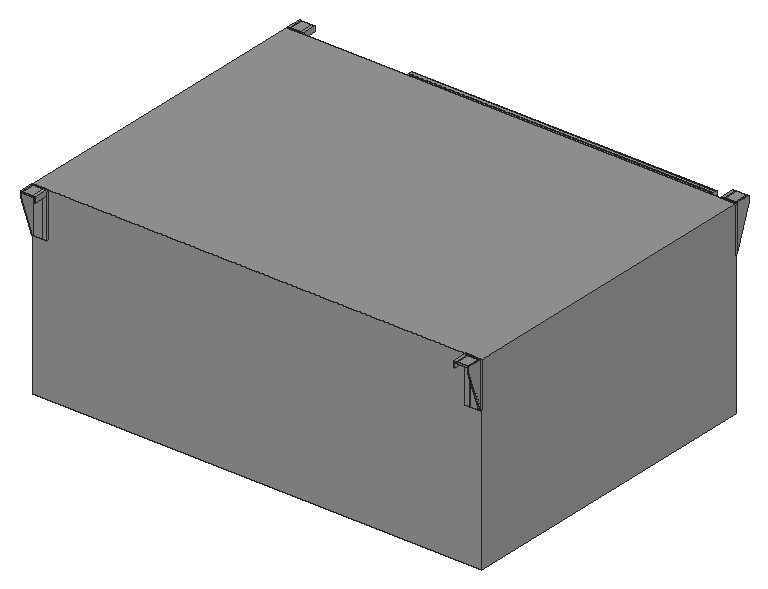
Revit family "НЕВАТОМ_Neiva 2 подвесная C-Е-R 3000, Версия 2", category Оборудование, Revit 2017
Family settings
  Размер круглого соединителя = Использовать диаметр
  Тип детали = Нормальный
  На основе рабочей плоскости = Да
  Всегда вертикально = Нет
  При загрузке вырезать с полостями = Нет
  Общий = Нет
  Точка расчета площади = Нет
Parameters (values of type "C-3000-E-R")
  длина между креплением = 1062 mm
  а ширина = 100 mm
  Default Elevation = 0 mm
  А6 = 420 mm
  А1 = 800 mm
  c = 131 mm
  Nevatom_Производительность = "2000-3500 м³/ч"
  Nevatom_Напорная характеристика, Р1 = 800.0 Pa
  Nevatom_Напорная характеристика, P = 0.0 Pa
  Nevatom_Мощность нагревателя = 45000 W
  Nevatom_Q1, м³/ч = 3600.0 m³/h
  Nevatom_Q, м³/ч = 2000.0 m³/h
  H щита = 452 mm
  b длина = 830 mm
  Nevatom_Регулятор воздуха [instance] = ""
  Nevatom_Для задания электроснабжения [instance] = "380 В"
  Nevatom_URL [instance] = ""
  L = 1220 mm
  H = 512 mm
  D кабельного ввода PG 36 = 50 mm
  D кабельного ввода PG 21 = 32 mm
  B = 864 mm
  ADSK_Ток = 1.86 A
  ADSK_Расход воздуха = 0.0 m³/h
  ADSK_Размер_Ширина = B  # 864 mm
  ADSK_Размер_Длина = L  # 1220 mm
  ADSK_Размер_Высота = H  # 512 mm
  ADSK_Потеря давления воздуха = 0.0 Pa
  ADSK_Полная мощность = ADSK_Номинальная мощность / ADSK_Коэффициент мощности  # 1425 VA
  ADSK_Позиция [instance] = ""
  ADSK_Номинальная мощность = 1140 W
  ADSK_Напряжение = 400 V
  ADSK_Наименование = "C-3000-E-R"
  ADSK_Материал наименование [instance] = "сталь оцинкованная с покрытием"
  ADSK_Масса = 96
  ADSK_Марка [instance] = "C-3000-E-R"
  ADSK_Коэффициент мощности = 0.8  # constant formula
  ADSK_Количество фаз = 1
  ADSK_Количество = 1  # constant formula
  ADSK_Код изделия [instance] = ""
  ADSK_Классификация нагрузок = Двигатель
  ADSK_Завод-изготовитель [instance] = "НЕВАТОМ"  # constant formula
  ADSK_Единица измерения [instance] = "шт."
Reference planes
  plane 1 "По центру (Вперед/Назад)": y = 0
  plane 2: z = 0
  plane 3 "По центру (Влево/Вправо)": x = 0
  plane 4: y = 432
  plane 5: x = 610
  plane 6: y = -432
  plane 7: x = -610
  plane 8: z = 512
  plane 9: x = 500
  plane 10: x = -500
  plane 11: y = -532
  plane 12: x = -351
  plane 13: x = 479
  plane 14: x = -536.5
  plane 15: x = 525.5
  plane 16: z = 362
  plane 17: z = 452
  plane 18: y = 532
Forms (mm)
  Extrusion 1, solid, material "Сталь, окрашенная, слоновая кость, блестящая"
    sketch origin (0, 1073.759, -352) x (1, 0, 0) y (0, 1, 0)
      loop
        line (-351, -541.759) -> (-351, -641.759) -> (479, -641.759) -> (479, -541.759) -> (-351, -541.759)
    from 352 to 362
  Extrusion 2, solid, material "Сталь, окрашенная, слоновая кость, блестящая"
    sketch origin (0, 0, 0) x (1, 0, 0) y (0, 1, 0)
      loop
        line (-610, 432) -> (-610, -432) -> (610, -432) -> (610, 432) -> (-610, 432)
    from 0 to 512
  Extrusion 3, solid, material "Сталь, окрашенная, слоновая кость, блестящая"
    sketch origin (0, 0, 0) x (1, 0, 0) y (0, 1, 0)
      loop
        line (-351, 432) -> (479, 432) -> (479, 442.139) -> (-351, 442.139) -> (-351, 432)
      loop
        line (-351, 531.49) -> (-351, 521.49) -> (479, 521.49) -> (479, 531.49) -> (-351, 531.49)
    from 0 to 452
  Extrusion 4, solid, material "Сталь, окрашенная, слоновая кость, блестящая"
    sketch origin (0, 0, 0) x (1, 0, 0) y (0, 1, 0)
      loop
        line (-351, 442.139) -> (-340.851, 442.139) -> (-340.851, 521.49) -> (-351, 521.49) -> (-351, 442.139)
    from 0 to 452
  Extrusion 5, solid, material "Сталь, окрашенная, слоновая кость, блестящая"
    sketch origin (761.851, 0, 0) x (1, 0, 0) y (0, 1, 0)
      loop
        line (-293, 442.139) -> (-282.851, 442.139) -> (-282.851, 521.49) -> (-293, 521.49) -> (-293, 442.139)
    from 0 to 452
  Extrusion 6, solid, material "Сталь, окрашенная, слоновая кость, блестящая"
    sketch origin (0, 1073.759, -72) x (1, 0, 0) y (0, 1, 0)
      loop
        line (-351, -541.759) -> (-351, -641.759) -> (479, -641.759) -> (479, -541.759) -> (-351, -541.759)
    from 514 to 524
Lines and regions (mm)
  reference lines
    curve 1: line (-610, -432, 0) -> (-351, -432, 0)
    curve 2: line (-610, -432, 0) -> (-351, -432, 0)
    curve 3: line (-610, -432, 0) -> (-351, -432, 0)
    curve 4: line (610, -432, 0) -> (479, -432, 0)
    curve 5: line (-610, -432, 0) -> (-351, -432, 0)
    curve 6: line (525.5, 0, 3.126) -> (525.5, 0, -1.874)
Dimensions and locks
  equal spacing: plane 7, plane 3 "По центру (Влево/Вправо)", plane 5
  equal spacing: plane 6, plane 1 "По центру (Вперед/Назад)", plane 4
  "B": plane 6 to plane 4
  "L": plane 7 to plane 5
  "а ширина": plane 6 to plane 11
  plane 8 to level = 512 mm
  "длина между креплением": plane 14 to plane 15
  "H": plane 8 to level
  locked: Extrusion 1 to Extrusion 1 at 10
  "b длина": plane 12 to plane 13
  "H щита": plane 17 to level
  "c": plane 13 to plane 5
  "а ширина": plane 18 to plane 4
  locked: Extrusion 3 to nested 8 at 49.502
  locked: Extrusion 3 to nested 7 at 50.222
  locked: Extrusion 3 to nested 6 at 50.222
  locked: Extrusion 3 to nested 5 at 49.27
  locked: Extrusion 6 to Extrusion 6 at 10  (x2)
  aligned and locked: level to plane 2
  aligned and locked: nested 1 to plane 6
  aligned and locked: plane 7 to nested 2
  aligned and locked: plane 4 to nested 2
  aligned and locked: nested 1 to plane 7
  aligned and locked: Extrusion 1 to level
  aligned and locked: Extrusion 2 sketch curve to plane 4
  aligned and locked: Extrusion 2 sketch curve to plane 5
  aligned and locked: Extrusion 2 sketch curve to plane 6
  aligned and locked: Extrusion 2 to level
  aligned and locked: Extrusion 2 to plane 8
  aligned and locked: Extrusion 2 to plane 7
  aligned and locked: plane 6 to nested 3
  aligned and locked: nested 4 to plane 4
  aligned and locked: plane 5 to nested 4
  aligned and locked: nested 3 to plane 5
  aligned and locked: nested 1 to plane 8
  aligned and locked: plane 8 to nested 3
  aligned and locked: nested 4 to plane 8
  aligned and locked: plane 8 to nested 2
  aligned and locked: Extrusion 1 to plane 4
  aligned and locked: plane 18 to Extrusion 1
  aligned and locked: plane 17 to Extrusion 3
  aligned and locked: plane 17 to Extrusion 5
  aligned and locked: plane 17 to Extrusion 4
  aligned and locked: plane 17 to Extrusion 6
Automatic sketch dimensions
  plane 6 to curve 5 = 0 mm
  curve 5 to plane 7 = 0 mm
  curve 2 to plane 7 = 0 mm
  curve 3 to plane 7 = 0 mm
  curve 3 to plane 12 = 0 mm
  plane 6 to curve 4 = 0 mm
  curve 4 to plane 13 = 0 mm
  curve 4 to plane 5 = 0 mm
  curve 6 to plane 15 = 0 mm
  curve 6 to level = 1.874 mm
  level to curve 6 = 3.126 mm
  Extrusion 1 sketch curve to plane 4 = 0 mm
  Extrusion 1 sketch curve to plane 12 = 0 mm
  Extrusion 1 sketch curve to plane 13 = 0 mm
  Extrusion 1 sketch curve to plane 18 = 0 mm
  Extrusion 2 sketch curve to plane 7 = 0 mm
  Extrusion 3 sketch curve to plane 4 = 0 mm
  Extrusion 3 sketch curve to plane 12 = 0 mm  (x2)
  Extrusion 3 sketch curve to plane 13 = 0 mm  (x2)
  Extrusion 3 sketch curve to Extrusion 3 sketch curve = 10.139 mm
  plane 18 to Extrusion 3 sketch curve = 10.51 mm
  plane 18 to Extrusion 3 sketch curve = 0.51 mm
  Extrusion 4 sketch curve to plane 12 = 0 mm
  Extrusion 4 sketch curve to Extrusion 4 sketch curve = 10.149 mm
  plane 18 to Extrusion 4 sketch curve = 10.51 mm
  Extrusion 4 sketch curve to plane 4 = 10.139 mm
  Extrusion 5 sketch curve to plane 13 = 0 mm
  plane 13 to Extrusion 5 sketch curve = 10.149 mm
  plane 18 to Extrusion 5 sketch curve = 10.51 mm
  Extrusion 5 sketch curve to plane 4 = 10.139 mm
  Extrusion 6 sketch curve to plane 4 = 0 mm
  Extrusion 6 sketch curve to plane 12 = 0 mm
  Extrusion 6 sketch curve to plane 13 = 0 mm
  Extrusion 6 sketch curve to plane 18 = 0 mm
Nested families
  nested 1: "NEVATOM_кронштейн" at (-587.156, -451.399, 385.206), type "NEVATOM_кронштейн"
  nested 2: "NEVATOM_кронштейн" at (-587.156, 451.399, 385.206), type "NEVATOM_кронштейн"
  nested 3: "NEVATOM_кронштейн" at (587.156, -451.399, 385.206) x (-1, 0, 0) z (0, 0, 1), type "NEVATOM_кронштейн"
  nested 4: "NEVATOM_кронштейн" at (587.156, 451.399, 385.206) x (-1, 0, 0) z (0, 0, 1), type "NEVATOM_кронштейн"
  nested 5: "NEVATOM_кабельный ввод PG 2" at (148.857, 482.22, 0) x (1, 0, 0) z (0, 0, -1), type "Кабельный ввод PG"
    with h 15.4 mm, d 11 mm, D 22 mm
  nested 6: "NEVATOM_кабельный ввод PG 2" at (109.852, 481.268, 0) x (1, 0, 0) z (0, 0, -1), type "Кабельный ввод PG"
    with h 15.4 mm, d 11 mm, D 22 mm
  nested 7: "NEVATOM_кабельный ввод PG 2" at (69.491, 481.268, 0) x (1, 0, 0) z (0, 0, -1), type "Кабельный ввод PG"
    with h 15.4 mm, d 11 mm, D 22 mm
  nested 8: "NEVATOM_кабельный ввод PG 2" at (29.156, 481.988, 0) x (0, -1, 0) z (0, 0, -1), type "Кабельный ввод PG"
    with h 15.4 mm, d 11 mm, D 22 mm
  nested 9: "NEVATOM_выключатель пластик" at (474, 486.838, 200) x (0, 1, 0) z (1, 0, 0), type "NEVATOM_выключатель пластик"
  nested 10: "NEVATOM_кабельный ввод PG 2" at (329, 482, 0) x (1, 0, 0) z (0, 0, -1), D <- "D кабельного ввода PG 36", type "Кабельный ввод PG"
    with h 35 mm, d 25 mm, D 50 mm
  nested 11: "NEVATOM_кабельный ввод PG 2" at (229, 482, 0) x (1, 0, 0) z (0, 0, -1), D <- "D кабельного ввода PG 36", type "Кабельный ввод PG"
    with h 35 mm, d 25 mm, D 50 mm
Connectors
  hvac at (610, 0, 256), driven by "А6", driven by "А1", driven by "ADSK_Расход воздуха"
    settings: on Extrusion 2, index 1, duct flow 0.0 m³/h, flow factor 0, pres drop 0.0 Pa, loss coef 0, conn angle 0.00°, conn width 800 mm, conn height 420 mm, conn diameter 609.6 mm, duct sys type 29, conn prof type 1, flow config 0, flow direction 1, loss method 0, conn ref index 2, conn util no, is conn primary yes, conn desc ""
  hvac at (-610, 0, 256), driven by "А6", driven by "А1", driven by "ADSK_Расход воздуха"
    settings: on Extrusion 2, index 2, duct flow 0.0 m³/h, flow factor 0, pres drop 0.0 Pa, loss coef 0, conn angle 0.00°, conn width 800 mm, conn height 420 mm, conn diameter 609.6 mm, duct sys type 1, conn prof type 1, flow config 0, flow direction 2, loss method 0, conn ref index 1, conn util no, is conn primary no, conn desc ""
  electrical at (329, 482, 0), driven by "ADSK_Количество фаз", driven by "ADSK_Напряжение", driven by "ADSK_Полная мощность", driven by "ADSK_Коэффициент мощности"
    settings: on nested 10, index 3, voltage 400 V, apparent load 0 VA, apparent load phase1 1425 VA, apparent load phase2 0 VA, apparent load phase3 0 VA, power factor 0.8, load classification "Двигатель", number of poles 1, system type 31, power factor state 1, is connector primary yes, connector utility no, sub classification motor no, connector description ""
  electrical at (229, 482, 0), driven by "ADSK_Количество фаз", driven by "ADSK_Напряжение", driven by "ADSK_Полная мощность", driven by "ADSK_Коэффициент мощности"
    settings: on nested 11, index 4, voltage 400 V, apparent load 0 VA, apparent load phase1 1425 VA, apparent load phase2 0 VA, apparent load phase3 0 VA, power factor 0.8, load classification "Двигатель", number of poles 1, system type 31, power factor state 1, is connector primary no, connector utility no, sub classification motor no, connector description ""
  electrical at (148.857, 482.22, 0)
    settings: on nested 5, index 5, voltage 0 V, apparent load 0 VA, apparent load phase1 0 VA, apparent load phase2 0 VA, apparent load phase3 0 VA, power factor 1, load classification "Прочее", number of poles 1, system type 5, power factor state 1, is connector primary no, connector utility no, sub classification motor no, connector description ""
  electrical at (109.852, 481.268, 0)
    settings: on nested 6, index 6, voltage 0 V, apparent load 0 VA, apparent load phase1 0 VA, apparent load phase2 0 VA, apparent load phase3 0 VA, power factor 1, load classification "Прочее", number of poles 1, system type 5, power factor state 1, is connector primary no, connector utility no, sub classification motor no, connector description ""
  electrical at (69.491, 481.268, 0)
    settings: on nested 7, index 7, voltage 0 V, apparent load 0 VA, apparent load phase1 0 VA, apparent load phase2 0 VA, apparent load phase3 0 VA, power factor 1, load classification "Прочее", number of poles 1, system type 5, power factor state 1, is connector primary no, connector utility no, sub classification motor no, connector description ""
  electrical at (29.156, 481.988, 0)
    settings: on nested 8, index 8, voltage 0 V, apparent load 0 VA, apparent load phase1 0 VA, apparent load phase2 0 VA, apparent load phase3 0 VA, power factor 1, load classification "Прочее", number of poles 1, system type 5, power factor state 1, is connector primary no, connector utility no, sub classification motor no, connector description ""
Definition of nested family "NEVATOM_кронштейн"
  Reference planes
    plane 1 "По центру (Вперед/Назад)": y = 0
    plane 2: z = 0
    plane 3 "По центру (Влево/Вправо)": x = 0
  Forms (mm)
    Extrusion 1, solid
      sketch origin (-545.844, 366.399, 0) x (0, 1, 0) y (0, 0, 1)
        loop
          line (-351.118, 126.794) -> (-389, 126.794) -> (-389, 111.794) -> (-351.118, 3.126) -> (-351.118, 126.794)
      from 523 to 527.712
    Extrusion 2, solid
      sketch origin (-545.844, 301.399, 0) x (1, 0, 0) y (0, 0, 1)
        loop
          line (557.712, 126.794) -> (557.712, 123.742) -> (561.763, 123.742) -> (561.763, 111.794) -> (565, 111.794) -> (565, 126.794) -> (557.712, 126.794)
      from 286.118 to 324
    Extrusion 3, solid
      sketch origin (-545.844, 301.399, 20) x (1, 0, 0) y (0, 0, 1)
        loop
          line (565, -16.874) -> (565, 106.794) -> (553, 106.794) -> (553, -16.874) -> (565, -16.874)
      from 282 to 286.118
    Extrusion 4, solid
      sketch origin (-545.844, 301.399, 20) x (1, 0, 0) y (0, 0, 1)
        loop
          line (565, -16.874) -> (565, 106.794) -> (523, 106.794) -> (523, -16.874) -> (565, -16.874)
      from 282 to 286.118
    Extrusion 5, solid
      sketch origin (-545.844, 301.399, 0) x (1, 0, 0) y (0, 0, 1)
        loop
          line (527.712, 126.794) -> (527.712, 123.742) -> (561.763, 123.742) -> (561.763, 111.794) -> (565, 111.794) -> (565, 126.794) -> (527.712, 126.794)
      from 286.118 to 324
  Dimensions and locks
    aligned and locked: level to plane 2
Definition of nested family "NEVATOM_кабельный ввод PG 2"
  Parameters (values of type "Кабельный ввод PG")
    Default Elevation = 1219.2 mm
    h [instance] = 0.7 * D  # 21 mm
    d [instance] = 0.5 * D  # 15 mm
    D [instance] = 30 mm
  Reference planes
    plane 1 "По центру (Вперед/Назад)": y = 0
    plane 2: z = 0
    plane 3 "По центру (Влево/Вправо)": x = 0
    plane 4: y = 15
    plane 5: y = -15
    plane 6: x = -15
    plane 7: x = 15
    plane 8: through (0, 0, 1219.2) normal (-0.7071, 0.7071, 0)
    plane 9: through (0, 0, 1219.2) normal (-0.7071, -0.7071, 0)
    plane 10: through (10.607, -10.607, 1219.2) normal (-0.7071, 0.7071, 0)
    plane 11: through (-10.607, 10.607, 1219.2) normal (-0.7071, 0.7071, 0)
    plane 12: through (10.607, 10.607, 1219.2) normal (-0.7071, -0.7071, 0)
    plane 13: through (-10.607, -10.607, 1219.2) normal (-0.7071, -0.7071, 0)
    plane 14: z = 30
    plane 15: z = 21
  Forms (mm)
    Extrusion 1, solid
      sketch origin (0, 0, 0) x (1, 0, 0) y (0, 1, 0)
        loop
          line (-1219.2, 1219.2) -> (-1219.2, -1219.2) -> (1219.2, -1219.2) -> (1219.2, 1219.2) -> (-1219.2, 1219.2)
      from 0 to -304.8
    Extrusion 2, solid
      sketch origin (0, 0, 0) x (1, 0, 0) y (0, 1, 0)
        loop
          line (-6.213, 15) -> (-15, 6.213) -> (-15, -6.213) -> (-6.213, -15) -> (6.213, -15) -> (15, -6.213) -> (15, 6.213) -> (6.213, 15) -> (-6.213, 15)
      from 0 to 21
    Blend 3, solid
      base sketch origin (0, 0, 0) x (1, 0, 0) y (0, 1, 0)
        loop
          circle (0, 0) r 15
      top sketch origin (0, 0, 0) x (1, 0, 0) y (0, 1, 0)
        loop
          circle (0, 0) r 7.5
      from 21 to 30
    Extrusion 4, void
      sketch origin (0, 0, 0) x (1, 0, 0) y (0, 1, 0)
        loop
          circle (0, 0) r 7.5
      from 0 to 30
  Cuts and joins
    Extrusion 4 cuts Extrusion 2
    Extrusion 4 cuts Blend 3
    joined: Extrusion 2, Blend 3
  Dimensions and locks
    equal spacing: plane 6, plane 3 "По центру (Влево/Вправо)", plane 7
    equal spacing: plane 4, plane 1 "По центру (Вперед/Назад)", plane 5
    "D": plane 6 to plane 7
    "D": plane 4 to plane 5
    equal spacing: plane 11, plane 8, plane 10
    "D": plane 11 to plane 10
    equal spacing: plane 12, plane 9, plane 13
    "D": plane 12 to plane 13
    "D": plane 14 to Extrusion 1
    "h": plane 15 to Extrusion 1
    "D": diameter of Blend 3 sketch curve
    "d": diameter of Blend 3 sketch curve
    "d": diameter of Extrusion 4 sketch curve
    aligned and locked: plane 2 to Extrusion 1
    aligned and locked: level to Extrusion 1
    aligned and locked: Extrusion 2 sketch curve to plane 4
    aligned and locked: Extrusion 2 sketch curve to plane 12
    aligned and locked: plane 7 to Extrusion 2 sketch curve
    aligned and locked: plane 10 to Extrusion 2 sketch curve
    aligned and locked: plane 5 to Extrusion 2 sketch curve
    aligned and locked: plane 13 to Extrusion 2 sketch curve
    aligned and locked: Extrusion 2 sketch curve to plane 6
    aligned and locked: Extrusion 2 sketch curve to plane 11
    aligned and locked: plane 15 to Extrusion 2
    aligned and locked: plane 14 to Blend 3
    aligned and locked: Blend 3 to plane 15
    aligned and locked: plane 14 to Extrusion 4
  Automatic sketch dimensions
    Extrusion 1 sketch curve to Extrusion 1 sketch curve = 2438.4 mm  (x2)
    plane 1 "По центру (Вперед/Назад)" to Blend 3 sketch curve = 0 mm  (x2)
    Blend 3 sketch curve to plane 3 "По центру (Влево/Вправо)" = 0 mm  (x2)
    plane 1 "По центру (Вперед/Назад)" to Extrusion 4 sketch curve = 0 mm
    Extrusion 4 sketch curve to plane 3 "По центру (Влево/Вправо)" = 0 mm
Definition of nested family "NEVATOM_выключатель пластик"
  Parameters (values of type "NEVATOM_выключатель пластик")
    Default Elevation = 1219.2 mm
    h = 18 mm
    b = 44 mm
    a = 44 mm
  Reference planes
    plane 1 "По центру (Вперед/Назад)": y = 0
    plane 2: z = 0
    plane 3 "По центру (Влево/Вправо)": x = 0
    plane 4: x = -22
    plane 5: x = 22
    plane 6: y = -22
    plane 7: y = 22
    plane 8: z = 18
  Forms (mm)
    Extrusion 1, solid
      sketch origin (0, 0, 0) x (1, 0, 0) y (0, 1, 0)
        loop
          line (-22, 22) -> (-22, -22) -> (22, -22) -> (22, 22) -> (-22, 22)
      from 5 to 10
    Extrusion 2, solid
      sketch origin (0, 0, 0) x (1, 0, 0) y (0, 1, 0)
        loop
          circle (0, 0) r 17.083
        loop
          circle (0, 0) r 13.032
      from 10 to 20
    Extrusion 3, solid
      sketch origin (0, 0, 0) x (1, 0, 0) y (0, 1, 0)
        loop
          line (-1.523, -13.032) -> (1.565, -13.032) -> (1.565, 12.938) -> (-1.523, 12.938) -> (-1.523, -13.032)
      from 5 to 20
  Cuts and joins
    joined: Extrusion 1, Extrusion 2
  Dimensions and locks
    equal spacing: plane 7, plane 1 "По центру (Вперед/Назад)", plane 6
    "a": plane 7 to plane 6
    equal spacing: plane 4, plane 3 "По центру (Влево/Вправо)", plane 5
    "b": plane 4 to plane 5
    "h": plane 8 to level
    aligned and locked: level to plane 2
  Automatic sketch dimensions
    Extrusion 1 sketch curve to plane 4 = 0 mm
    Extrusion 1 sketch curve to plane 5 = 0 mm
    Extrusion 1 sketch curve to plane 6 = 0 mm
    Extrusion 1 sketch curve to plane 7 = 0 mm
    Extrusion 2 sketch curve to Extrusion 2 sketch curve = 0 mm  (x2)
    plane 1 "По центру (Вперед/Назад)" to Extrusion 2 sketch curve = 0 mm
    Extrusion 2 sketch curve to plane 3 "По центру (Влево/Вправо)" = 0 mm
    Extrusion 3 sketch curve to plane 3 "По центру (Влево/Вправо)" = 1.523 mm
    plane 3 "По центру (Влево/Вправо)" to Extrusion 3 sketch curve = 1.565 mm
    plane 6 to Extrusion 3 sketch curve = 8.968 mm
    Extrusion 3 sketch curve to plane 7 = 9.062 mm
    radius of Extrusion 2 sketch curve = 17.083 mm
    radius of Extrusion 2 sketch curve = 13.032 mm
